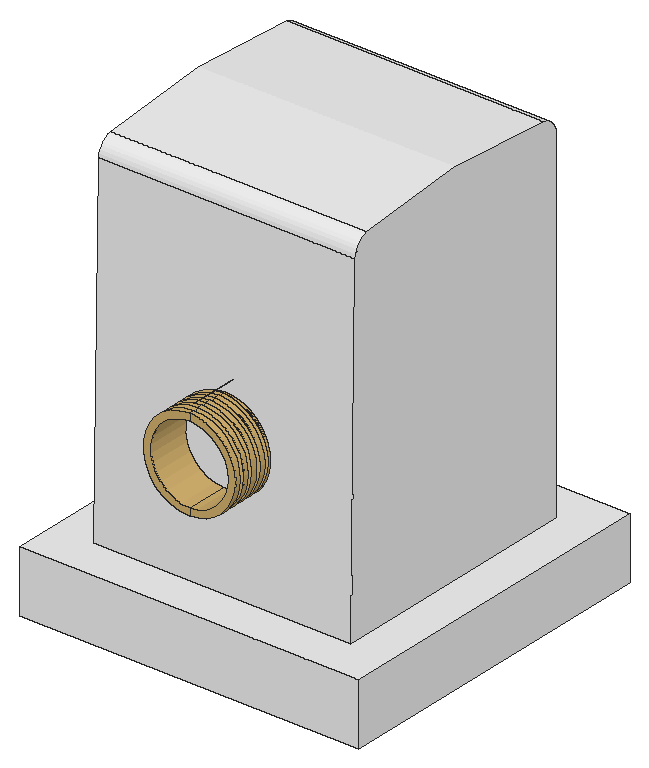
Revit family "Wall_Union-Grohe-Euphoria_Cube-26634000", category Plumbing Fixtures, host Face, Revit 2019
Family settings
  Host = Face
  Round Connector Dimension = Use Diameter
  Part Type = Normal
  OmniClass Number = 23.45.05.14.17
  OmniClass Title = Showers
  Cut with Voids When Loaded = No
  Shared = Yes
  Room Calculation Point = No
Parameters (values of type "26634000")
  cUPC Compliant = yes
  Width = 2 5/8"
  Waste Connection = no
  WFU = 4
  Vent Connection = no
  URL = "https://www.grohe.us/"
  Type Comments = ""
  Tempered Water Connection Diameter = 1/2"
  Tempered Water Connection = yes
  Outlet Length Constraint = if(Outlet Length < 1 3/16", 1 3/16", if(Outlet Length > 1 11/16", 1 11/16", Outlet Length))  # 1 3/16"
  Product Page URL = "https://www.grohe.us/Hand-Showers-Accessories/Wall-Union/GROHE-CHROME-26634000"
  Product Documentation Link = "https://americanstandard.box.com/shared/static/pvfwmovb23iuq1s0pove0ot2samfep4f.pdf"
  Outlet Length = 1 3/16"
  Model = "26634000"
  Material = "Metal-Grohe-000-Starlight Chrome"
  Manufacturer = "GROHE"
  Label = ""
  Installation Type = "Wall Mounted"
  Height = 2 1/16"
  HWFU = 3
  HW Connection = no
  Finish = Metal-Grohe-000-Starlight Chrome
  Description = "Euphoria Cube Wall Union"
  Default Elevation = 0"
  Creation Date = "07/29/2022"
  Compliance Certifications = "Energy Policy Act of 1992,• ASME A112.18.1/CSA B125.1,• CalGreen\r\n• LOGO CEC"
  CWFU = 3
  CW Connection = no
  Assembly Code = "D2020"
  08565000 Non Return Valve = yes
Reference planes (in)
  plane 1 "Center (Front/Back)": y = 0
  plane 2: z = 0
  plane 3 "Center (Left/Right)": x = 0
  plane 4: z = 1.1875
  plane 5: z = 1.42483
  plane 6: z = 2.625
  plane 7: z = 1.8125
  plane 8: z = 1.3125
  plane 9: y = 1.03125
  plane 10: y = -1.03125
  plane 11: x = -1.03125
  plane 12: x = 1.03125
  plane 13: z = 0.375
  plane 14: x = -0.78125
  plane 15: x = 0.78125
Forms (in)
  Revolve 1, solid, material "Metal-Grohe-Brass"
    sketch origin (0, 0, 0.17188) x (0, 1, 0) y (0, 0, 1)
      loop
        line (-0.50589, 1.32716) -> (-0.63824, 1.32716) -> (-0.66949, 1.26466) -> (-0.68511, 1.29591) -> (-0.71636, 1.29591) -> (-0.73199, 1.26466) -> (-0.74761, 1.29591) -> (-0.77886, 1.29591) -> (-0.79449, 1.26466) -> (-0.81011, 1.29591) -> (-0.84136, 1.29591) -> (-0.85699, 1.26466) -> (-0.87261, 1.29591) -> (-0.90386, 1.29591) -> (-0.91949, 1.26466) -> (-0.93511, 1.29591) -> (-0.96636, 1.29591) -> (-0.98199, 1.26466) -> (-0.99761, 1.29591) -> (-1.03125, 1.29591) -> (-1.03125, 1.25295) -> (-0.50589, 1.25295) -> (-0.50589, 1.32716)
      axis (-0.50589, 1.01562) -> (-1.03125, 1.01562)
    angle from 0 to 360
  Extrusion 2, solid, material "Metal-Grohe-000-Starlight Chrome" <- "Finish"
    sketch origin (0, 0, 0) x (1, 0, 0) y (0, 1, 0)
      loop
        line (-1.03125, 1.03125) -> (-1.03125, -1.03125) -> (1.03125, -1.03125) -> (1.03125, 1.03125) -> (-1.03125, 1.03125)
    from 0 to 0.375
  Extrusion 3, solid, material "Metal-Grohe-000-Starlight Chrome" <- "Finish"
    sketch origin (-1.03125, 0.91764, 0) x (0, 1, 0) y (0, 0, -1)
      loop
        line (-0.13639, -0.375) -> (-1.69889, -0.375) -> (-1.66252, -2.45867)
        arc (-1.66252, -2.45867) -> (-1.63619, -2.52795) -> (-1.57173, -2.56454) r 0.10938
        arc (-1.57173, -2.56454) -> (-0.90043, -2.6252) -> (-0.22808, -2.57748) r 4.19207
        arc (-0.22808, -2.57748) -> (-0.16246, -2.54111) -> (-0.13639, -2.47076) r 0.10796
        line (-0.13639, -2.47076) -> (-0.13639, -0.375)
    from -1.8125 to -0.25
Lines and regions (in)
  Masking region 1
    outline origin (0, 0, 0) x (1, 0, 0) y (0, 0, 1)
      loop
        line (-0.96402, 2.19891) -> (-0.96402, 0.38143)
        arc (-0.96402, 0.38143) -> (-0.98743, 0.30582) -> (-1.03805, 0.24496) r 0.20247
        line (-1.03805, 0.24496) -> (-1.34823, 0.24496)
        arc (-1.34823, 0.24496) -> (-1.39209, 0.22679) -> (-1.41026, 0.18293) r 0.06202
        line (-1.41026, 0.18293) -> (-1.41026, 0) -> (1.47388, 0) -> (1.47388, 0.18293)
        arc (1.47388, 0.18293) -> (1.45571, 0.22679) -> (1.41185, 0.24496) r 0.06202
        line (1.41185, 0.24496) -> (1.10167, 0.24496)
        arc (1.10167, 0.24496) -> (1.05105, 0.30582) -> (1.02764, 0.38143) r 0.20247
        line (1.02764, 0.38143) -> (1.02764, 2.19891)
        arc (1.02764, 2.19891) -> (0.98818, 2.36301) -> (0.87844, 2.49124) r 0.361
        arc (0.87844, 2.49124) -> (0.06283, 2.72844) -> (-0.76778, 2.5508) r 1.738
        arc (-0.76778, 2.5508) -> (-0.91164, 2.40036) -> (-0.96402, 2.19891) r 0.41362
  symbolic lines, detail levels medium+fine
    curve 1: line (-0.86614, 0, 2.1761) -> (0.86614, 0, 2.1761)
    curve 2: line (-0.94029, 0, 0.24496) -> (0.94029, 0, 0.24496)
  symbolic lines, detail levels fine
    curve 3: line (0.86614, 0, 0.38143) -> (-0.86614, 0, 0.38143)
Dimensions and locks (in)
  "Width": plane 6 to host face
  "Outlet Length Constraint": plane 2 to plane 4
  plane 7 to plane 8 = 1/2"
  "Height": plane 9 to plane 10
  equal spacing: plane 11, plane 3 "Center (Left/Right)", plane 12
  "Height": plane 11 to plane 12
  equal spacing: plane 9, plane 1 "Center (Front/Back)", plane 10
  plane 10 to plane 9 = 2 1/16"
  locked: plane 4 to plane 5 at 0.23733
  aligned and locked: plane 2 to host face
  aligned and locked: level to host face
  aligned and locked: plane 9 to Extrusion 2 sketch curve
  aligned and locked: plane 11 to Extrusion 2 sketch curve
  aligned and locked: plane 10 to Extrusion 2 sketch curve
  aligned and locked: Extrusion 2 sketch curve to plane 12
  aligned and locked: plane 13 to Extrusion 2
  aligned and locked: Extrusion 2 to level
  aligned and locked: Extrusion 3 sketch curve to plane 13
  aligned and locked: Extrusion 3 to plane 15
  aligned and locked: Extrusion 3 to plane 14
  aligned and locked: plane 4 to Revolve 1 sketch curve
Automatic sketch dimensions
  host sketch curve to host sketch curve = 96"  (x2)
  Revolve 1 sketch curve to plane 10 = 0"
  Revolve 1 sketch curve to plane 5 = 0"
  plane 5 to Revolve 1 sketch curve = 3/256"  (x6)
  Revolve 1 sketch curve to Revolve 1 sketch curve = 1/64"  (x6)
  Revolve 1 sketch curve to Revolve 1 sketch curve = 1/32"  (x12)
  plane 5 to Revolve 1 sketch curve = 11/256"  (x2)
  Revolve 1 sketch curve to Revolve 1 sketch curve = 0"  (x3)
  Revolve 1 sketch curve to plane 10 = 0.08103"
  plane 10 to Revolve 1 sketch curve = 0.13194"
  plane 10 to Revolve 1 sketch curve = 0.03364"
  Revolve 1 sketch curve to Revolve 1 sketch curve = 3/64"
  Revolve 1 sketch curve to Revolve 1 sketch curve = 0.13234"
  level to curve 2 = 0.24496"
  curve 2 to plane 3 "Center (Left/Right)" = 0.94029"
  curve 2 to curve 3 = 0.07415"
  curve 1 to plane 3 "Center (Left/Right)" = 0.86614"
  level to curve 3 = 0.38143"
  plane 3 "Center (Left/Right)" to curve 3 = 0.86614"
  plane 3 "Center (Left/Right)" to curve 1 = 0.86614"
  curve 3 to curve 2 = 0.07415"
  curve 1 to plane 6 = 0.4489"
  Masking region 1 sketch curve to level = 0"
  Masking region 1 sketch curve to plane 6 = 0.42609"  (x2)
  Masking region 1 sketch curve to plane 3 "Center (Left/Right)" = 0"
  Masking region 1 sketch curve to plane 3 "Center (Left/Right)" = 0.5504"
  level to Masking region 1 sketch curve = 0.38143"  (x2)
  Masking region 1 sketch curve to Masking region 1 sketch curve = 0.07403"  (x2)
  Masking region 1 sketch curve to Masking region 1 sketch curve = 0.20139"
  Masking region 1 sketch curve to Masking region 1 sketch curve = 0.18282"  (x2)
  Masking region 1 sketch curve to Masking region 1 sketch curve = 0.06202"  (x2)
  Masking region 1 sketch curve to Masking region 1 sketch curve = 0.12736"
  level to Masking region 1 sketch curve = 0.18293"  (x2)
  Masking region 1 sketch curve to plane 8 = 0.32092"
  Masking region 1 sketch curve to Masking region 1 sketch curve = 0.19624"
  Masking region 1 sketch curve to Masking region 1 sketch curve = 0"  (x2)
  Masking region 1 sketch curve to plane 6 = 0.13376"
  Extrusion 3 sketch curve to Extrusion 2 = 1/4"
  Extrusion 3 sketch curve to Extrusion 2 = 0.28637"
  Extrusion 3 sketch curve to Extrusion 3 sketch curve = 7/64"
  Extrusion 2 to Extrusion 3 sketch curve = 0.97366"
  Extrusion 2 to Extrusion 3 sketch curve = 0.35796"
  Extrusion 2 to Extrusion 3 sketch curve = 1/4"
  Extrusion 3 sketch curve to Extrusion 2 = 2.08176"
  Extrusion 3 sketch curve to Extrusion 3 sketch curve = 0.00191"
  Extrusion 3 sketch curve to Extrusion 3 sketch curve = 0.014"
  Extrusion 3 sketch curve to Extrusion 2 = 1.56668"
  Extrusion 3 sketch curve to Extrusion 3 sketch curve = 0"
Connectors (in)
  piping at (0, -1.03125, 1.1875), diameter 0.5, driven by "Tempered Water Connection Diameter"
    settings: on Revolve 1, index 3, connector inside diameter 24", connector length 0", flow factor 0, pipe flow 0 GPM, pressure drop 0.00 psi, fitting loss kfactor 0, connector angle 0.00°, fixture units 0, engagement length 0", angle of deflection 0.00°, flow configuration 0, flow direction 2, fitting loss method 0, system type 29, joint type 0, gender type 0, connector reference index -1, connector utility 0, adjustable connector no, is connector primary yes, connector description "1/2\" NPT Supply Outlet"
